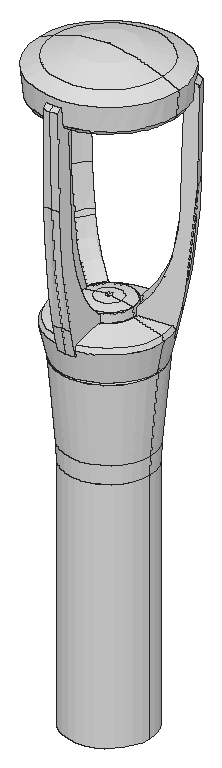
Revit family "LF Northport Path Light", category Lighting Fixtures, Revit 2021
Family settings
  Round Connector Dimension = Use Diameter
  Part Type = Normal
  OmniClass Number = 23.80.70.14.21
  OmniClass Title = Street and Roadway Lighting
  Work Plane-Based = No
  Always vertical = Yes
  Cut with Voids When Loaded = No
  Light Source = Yes
  Shared = No
  Room Calculation Point = No
Parameters (values of type "37"H")
  Wattage = 20 W
  W = 0' - 8 1/2"
  built-in parameter 1150110 = 1 (stored number, unit not read)
  URL = "https://www.landscapeforms.com"
  built-in parameter 1114217 = 1 (stored number, unit not read)
  Tilt Angle = 90.00°  # constant formula
  built-in parameter 1150109 = 1 (stored number, unit not read)
  built-in parameter 1150134 = (empty or 0)
  built-in parameter 1150113 = 1 (stored number, unit not read)
  Photometric Web File = "DR500-SO-T5.ies"
  Model = "NORTHPORT"
  Manufacturer = "Landscape Forms"
  built-in parameter 1150105 = 143.24 (stored number, unit not read)
  Lumens = 1800 lm
  built-in parameter 1150115 = 1 (stored number, unit not read)
  Load Classification = Lighting - Exterior
  built-in parameter 1150137 = (empty or 0)
  built-in parameter 1150139 = (empty or 0)
  built-in parameter 1150112 = 1 (stored number, unit not read)
  built-in parameter 1150114 = 1 (stored number, unit not read)
  built-in parameter 1150132 = (empty or 0)
  built-in parameter 1150102 = (empty or 0)
  built-in parameter 1150107 = 3000 (stored number, unit not read)
  built-in parameter 1150138 = (empty or 0)
  built-in parameter 1150106 = 1.4324 (stored number, unit not read)
  Emit from Circle Diameter = 1' - 0"  # constant formula
  Emit Shape Visible in Rendering = no
  built-in parameter 1150104 = 8.3613 (stored number, unit not read)
  Dimming Lamp Color Temperature Shift = <None>
  Diffuser Lens = LANDSCAPE FORMS - DIFFUSER - ILLUMINATED - LED
  Description = "Path Light - DR400"
  Voltage = 120 V
  Number of Poles = 1
  Default Elevation = 0' - 0"
  D = 0' - 8 1/2"
  Color Filter = 16777215
  built-in parameter 1114218 = 1 (stored number, unit not read)
  built-in parameter 1150133 = 10 (stored number, unit not read)
  Assembly Code = "D5020200"
  H = 3' - 1"
  Lamp = "Nichia 219C LED FR4 Circuit Board"
  Pole Powdercoat [instance] = LANDSCAPE FORMS - POWDERCOATED METAL - NEUTRAL SERIES (SILVER METALLIC)
  Wattage Comments = "20"
  Apparent Load = 100 VA  # constant formula
Reference planes (in)
  plane 1 "Light Source Axis FB": y = 0
  plane 2: z = 0
  plane 3 "Light Source Axis LR": x = 0
  plane 4: y = 3
  plane 5: y = -3
  plane 6: x = 4
  plane 7: x = -4
  plane 8: y = -2.89844
  plane 9: y = -2.75
  plane 10: y = -2.5
  plane 11: z = 37.23103
  plane 12: z = 36.11552
  plane 13: z = 35.95529
  plane 14: z = 34.70529
  plane 15: z = 34.51779
  plane 16: z = 34.42404
  plane 17: z = 34.20529
Forms (in)
  Revolve 1, solid, material "LANDSCAPE FORMS - POWDERCOATED METAL - NEUTRAL SERIES (SILVER METALLIC)" <- "Pole Powdercoat"
    sketch origin (0, 0, 0) x (1, 0, 0) y (0, 0, 1)
      loop
        line (0, 37.23103) -> (-0.04407, 37.23103)
        arc (-0.04407, 37.23103) -> (-1.70736, 37.05621) -> (-3.29796, 36.5394) r 8
        line (-3.29796, 36.5394) -> (-4.25, 36.11552) -> (-4.13604, 34.70529) -> (-4.00779, 34.51779) -> (-3.18749, 34.42404) -> (-3.18749, 34.20529) -> (-3.00536, 34.20529) -> (-2.99445, 34.51779) -> (-1.81445, 34.51779) -> (-1.48857, 35.4069) -> (0, 35.4069) -> (0, 37.23103)
      loop
        line (0, 23.47974) -> (-0.20455, 23.47974)
        arc (-0.20455, 23.47974) -> (-0.49757, 23.4654) -> (-0.78779, 23.4225) r 3
        line (-0.78779, 23.4225) -> (-1.46269, 23.28874)
        arc (-1.46269, 23.28874) -> (-1.47639, 23.2807) -> (-1.48214, 23.26588) r 0.02416
        line (-1.48214, 23.26588) -> (-1.49959, 22.76614) -> (-1.39512, 22.76614) -> (-1.39512, 22.73434) -> (-1.50108, 22.73434)
        arc (-1.50108, 22.73434) -> (-1.52328, 22.73335) -> (-1.5453, 22.73039) r 0.25
        arc (-1.5453, 22.73039) -> (-2.391, 22.55381) -> (-3.22548, 22.33017) r 15.42881
        line (-3.22548, 22.33017) -> (-3.37188, 22.04352) -> (-2.97518, 20.28125) -> (-2.75, 20.28125) -> (-2.75, 20.15625) -> (-2.96393, 20.15625) -> (-2.54828, 15.53659)
        arc (-2.54828, 15.53659) -> (-2.51208, 14.99946) -> (-2.5, 14.46124) r 12
        line (-2.5, 14.46124) -> (-2.5, 0) -> (0, 0) -> (0, 23.47974)
      axis (0, 37.23103) -> (0, 0)
    angle from 0 to 360
  Revolve 2, solid, material "LANDSCAPE FORMS - POWDERCOATED METAL - NEUTRAL SERIES (SILVER METALLIC)" <- "Pole Powdercoat"
    sketch origin (0, 0, 0) x (0, 1, 0) y (0, 0, 1)
      loop
        line (-4.24345, 35.69141) -> (-4.4832, 35.45167) -> (-4.39459, 30.0478)
        arc (-4.39459, 30.0478) -> (-4.17387, 26.61441) -> (-3.6264, 23.21777) r 36
        line (-3.6264, 23.21777) -> (-3.30124, 21.67406) -> (-1.43128, 21.67406) -> (-1.43128, 23.07695) -> (-1.63128, 23.28079)
        arc (-1.63128, 23.28079) -> (-2.60617, 24.59204) -> (-3.19115, 26.11768) r 6
        line (-3.19115, 26.11768) -> (-3.26607, 26.43828)
        arc (-3.26607, 26.43828) -> (-3.48305, 27.63985) -> (-3.57681, 28.85724) r 12
        line (-3.57681, 28.85724) -> (-3.71271, 34.08935) -> (-3.5921, 34.1508)
        arc (-3.5921, 34.1508) -> (-3.48183, 34.19148) -> (-3.36511, 34.20529) r 0.5
        line (-3.36511, 34.20529) -> (-3.22814, 34.20529) -> (-3.28005, 35.69141) -> (-4.24345, 35.69141)
      axis (0, 35.69141) -> (0, 21.67406)
    angle from 0 to 360
  Blend 3, void
    base sketch origin (0, 0, 0) x (-0.5, 0.866025, 0) y (-0.866025, -0.5, 0)
      loop
        line (0, 0.64952) -> (3.87018, 2.88397)
        arc (3.87018, 2.88397) -> (0, 4.82654) -> (-3.87018, 2.88397) r 4.82654
        line (-3.87018, 2.88397) -> (0, 0.64952)
    top sketch origin (0, 0, 0) x (-0.5, 0.866025, 0) y (-0.866025, -0.5, 0)
      loop
        arc (4.05264, 2.84497) -> (0, 4.95154) -> (-4.05264, 2.84497) r 4.95154
        line (-4.05264, 2.84497) -> (0, 0.50518) -> (4.05264, 2.84497)
    from 20.28125 to 35.69141
  Blend 4, void
    base sketch origin (0, 0, 0) x (0.5, 0.866025, 0) y (-0.866025, 0.5, 0)
      loop
        line (0, -0.64952) -> (-3.87018, -2.88397)
        arc (-3.87018, -2.88397) -> (0, -4.82654) -> (3.87018, -2.88397) r 4.82654
        line (3.87018, -2.88397) -> (0, -0.64952)
    top sketch origin (0, 0, 0) x (0.5, 0.866025, 0) y (-0.866025, 0.5, 0)
      loop
        line (4.05264, -2.84497) -> (0, -0.50518) -> (-4.05264, -2.84497)
        arc (-4.05264, -2.84497) -> (0, -4.95154) -> (4.05264, -2.84497) r 4.95154
    from 20.28125 to 35.69141
  Blend 5, void
    base sketch origin (0, 0, 0) x (-1, 0, 0) y (0, -1, 0)
      loop
        line (0, -0.64952) -> (-3.87018, -2.88397)
        arc (-3.87018, -2.88397) -> (0, -4.82654) -> (3.87018, -2.88397) r 4.82654
        line (3.87018, -2.88397) -> (0, -0.64952)
    top sketch origin (0, 0, 0) x (-1, 0, 0) y (0, -1, 0)
      loop
        line (4.05264, -2.84497) -> (0, -0.50518) -> (-4.05264, -2.84497)
        arc (-4.05264, -2.84497) -> (0, -4.95154) -> (4.05264, -2.84497) r 4.95154
    from 20.28125 to 35.69141
  Revolve 6, solid, material "LANDSCAPE FORMS - DIFFUSER - ILLUMINATED - LED" <- "Diffuser Lens"
    sketch origin (0, 0, 0) x (1, 0, 0) y (0, 0, 1)
      loop
        line (0, 35.4069) -> (-1.48857, 35.4069) -> (-1.81445, 34.51779) -> (-2.91858, 34.51779) -> (-2.90221, 34.20529) -> (-1.79585, 34.20529) -> (-1.40126, 35.2819) -> (0, 35.2819) -> (0, 35.4069)
      axis (0, 35.4069) -> (0, 34.20529)
    angle from 0 to 360
Cuts and joins
  Blend 3, Blend 4, Blend 5 cuts Revolve 2
  joined: Revolve 1, Revolve 2
Dimensions and locks (in)
  locked: plane 2 to level
  locked: imposter light to plane 1 "Light Source Axis FB"
  equal spacing: plane 7, plane 3 "Light Source Axis LR", plane 6
  equal spacing: plane 4, plane 1 "Light Source Axis FB", plane 5
  plane 4 to plane 5 = 0' - 6"
  plane 7 to plane 6 = 0' - 8"
  locked: imposter light to plane 17
Automatic sketch dimensions
  Revolve 1 sketch curve to plane 12 = 0' - 0"
  Revolve 1 sketch curve to plane 14 = 0' - 0"
  Revolve 1 sketch curve to plane 15 = 0' - 0"  (x2)
  Revolve 1 sketch curve to plane 16 = 0' - 0"
  Revolve 1 sketch curve to plane 17 = 0' - 0"
  Revolve 1 sketch curve to level = 0' - 0"
  Revolve 1 sketch curve to plane 11 = 0' - 0"
  Revolve 1 sketch curve to plane 3 "Light Source Axis LR" = 0' - 0"  (x3)
  Revolve 1 sketch curve to plane 3 "Light Source Axis LR" = 0' - 0.04407"
  Revolve 1 sketch curve to plane 3 "Light Source Axis LR" = 0' - 0.20455"
  Revolve 1 sketch curve to Revolve 1 sketch curve = 0' - 0.58324"
  Revolve 1 sketch curve to Revolve 1 sketch curve = 0' - 1.19057"
  Revolve 1 sketch curve to Revolve 1 sketch curve = 0' - 0.06287"
  Revolve 1 sketch curve to Revolve 1 sketch curve = 0' - 0.0047"
  Revolve 1 sketch curve to Revolve 1 sketch curve = 0' - 0.02415"
  Revolve 1 sketch curve to Revolve 1 sketch curve = 0' - 0.10446"
  Revolve 1 sketch curve to Revolve 1 sketch curve = 0' - 0.00149"
  Revolve 1 sketch curve to plane 7 = 0' - 1 1/2"
  Revolve 1 sketch curve to Revolve 1 sketch curve = 0' - 0.04828"
  Revolve 1 sketch curve to plane 7 = 0' - 1 1/4"
  Revolve 1 sketch curve to Revolve 1 sketch curve = 0' - 0.21393"
  Revolve 1 sketch curve to Revolve 1 sketch curve = 0' - 0.01125"
  Revolve 1 sketch curve to Revolve 1 sketch curve = 0' - 1.18"
  Revolve 1 sketch curve to Revolve 1 sketch curve = 0' - 0.19304"
  Revolve 1 sketch curve to plane 7 = 0' - 0.77452"
  Revolve 1 sketch curve to plane 12 = 0' - 0.42387"
  Revolve 1 sketch curve to Revolve 1 sketch curve = 0' - 0.30352"
  Revolve 1 sketch curve to Revolve 1 sketch curve = 0' - 0.1464"
  plane 7 to Revolve 1 sketch curve = 0' - 10 1/2"
  plane 7 to Revolve 1 sketch curve = 0' - 0.00779"
  plane 7 to Revolve 1 sketch curve = 0' - 0.13604"
  plane 7 to Revolve 1 sketch curve = 0' - 0 1/4"
  plane 3 "Light Source Axis LR" to Revolve 1 sketch curve = 0' - 1.18414"
  level to Revolve 1 sketch curve = 0' - 7.54492"
  Revolve 1 sketch curve to Revolve 1 sketch curve = 0' - 6.91632"
  Revolve 1 sketch curve to Revolve 1 sketch curve = 0' - 4.61966"
  Revolve 1 sketch curve to Revolve 1 sketch curve = 0' - 0 1/8"
  Revolve 1 sketch curve to Revolve 1 sketch curve = 0' - 1.76227"
  Revolve 1 sketch curve to Revolve 1 sketch curve = 0' - 0.28665"
  Revolve 1 sketch curve to Revolve 1 sketch curve = 0' - 1.85043"
  Revolve 1 sketch curve to Revolve 1 sketch curve = 0' - 2.00459"
  Revolve 1 sketch curve to Revolve 1 sketch curve = 0' - 0.00394"
  Revolve 1 sketch curve to Revolve 1 sketch curve = 0' - 0.03181"
  Revolve 1 sketch curve to Revolve 1 sketch curve = 0' - 0.49889"
  Revolve 1 sketch curve to Revolve 1 sketch curve = 0' - 0.00084"
  Revolve 1 sketch curve to Revolve 1 sketch curve = 0' - 0.13376"
  Revolve 1 sketch curve to level = 1' - 0"
  Revolve 1 sketch curve to plane 11 = 2' - 1.09801"
  plane 17 to Revolve 2 sketch curve = 0' - 0"
  Revolve 2 sketch curve to plane 1 "Light Source Axis FB" = 0' - 0"
  Revolve 2 sketch curve to plane 10 = 0' - 1.06872"
  Revolve 2 sketch curve to Revolve 2 sketch curve = 0' - 0.20001"
  Revolve 2 sketch curve to plane 5 = 0' - 0.19115"
  Revolve 2 sketch curve to plane 5 = 0' - 0.22814"
  Revolve 2 sketch curve to plane 5 = 0' - 0.26607"
  Revolve 2 sketch curve to plane 5 = 0' - 0.28005"
  Revolve 2 sketch curve to plane 5 = 0' - 0.30124"
  Revolve 2 sketch curve to plane 5 = 0' - 0.36511"
  Revolve 2 sketch curve to plane 5 = 0' - 0.57681"
  plane 17 to Revolve 2 sketch curve = 0' - 0.0545"
  Revolve 2 sketch curve to Revolve 2 sketch curve = 0' - 0.227"
  Revolve 2 sketch curve to plane 5 = 0' - 0.6264"
  plane 17 to Revolve 2 sketch curve = 0' - 0.11595"
  Revolve 2 sketch curve to Revolve 2 sketch curve = 0' - 0.12061"
  plane 13 to Revolve 2 sketch curve = 0' - 0.26388"
  Revolve 2 sketch curve to Revolve 2 sketch curve = 0' - 0.9634"
  Revolve 2 sketch curve to plane 5 = 0' - 1.39459"
  plane 13 to Revolve 2 sketch curve = 0' - 0.50362"
  Revolve 2 sketch curve to Revolve 2 sketch curve = 0' - 0.23974"
  plane 4 to Revolve 2 sketch curve = 0' - 0.34855"
  Revolve 2 sketch curve to plane 4 = 0' - 5.41914"
  plane 17 to Revolve 2 sketch curve = 0' - 3.56728"
  Revolve 2 sketch curve to Revolve 2 sketch curve = 1' - 11.18143"
  Revolve 2 sketch curve to Revolve 2 sketch curve = 0' - 3.6575"
  plane 17 to Revolve 2 sketch curve = 0' - 5.03648"
  Revolve 2 sketch curve to Revolve 2 sketch curve = 0' - 1.19056"
  Revolve 2 sketch curve to Revolve 2 sketch curve = 0' - 1.04467"
  Revolve 2 sketch curve to Revolve 2 sketch curve = 0' - 0.3206"
  Revolve 2 sketch curve to Revolve 2 sketch curve = 0' - 0.20384"
  Revolve 2 sketch curve to Revolve 2 sketch curve = 0' - 1.54371"
  Revolve 2 sketch curve to level = 2' - 0"
  Revolve 2 sketch curve to plane 11 = 10' - 7.34115"
  plane 1 "Light Source Axis FB" to Blend 3 sketch curve = 0' - 0"  (x2)
  Blend 3 sketch curve to plane 3 "Light Source Axis LR" = 0' - 0"  (x2)
  Blend 3 sketch curve to Blend 3 sketch curve = 0' - 0"  (x2)
  Blend 3 sketch curve to Blend 3 sketch curve = 0' - 3.87018"  (x2)
  Blend 3 sketch curve to Blend 3 sketch curve = 0' - 0.64952"
  Blend 3 sketch curve to Blend 3 sketch curve = 0' - 2.23445"
  Blend 3 sketch curve to Blend 3 sketch curve = 0' - 4.05264"  (x2)
  Blend 3 sketch curve to Blend 3 sketch curve = 0' - 0.50518"
  Blend 3 sketch curve to Blend 3 sketch curve = 0' - 2.33979"
  plane 1 "Light Source Axis FB" to Blend 4 sketch curve = 0' - 0"  (x2)
  Blend 4 sketch curve to plane 3 "Light Source Axis LR" = 0' - 0"  (x2)
  Blend 4 sketch curve to Blend 4 sketch curve = 0' - 0"  (x2)
  Blend 4 sketch curve to Blend 4 sketch curve = 0' - 3.87018"  (x2)
  Blend 4 sketch curve to Blend 4 sketch curve = 0' - 0.64952"
  Blend 4 sketch curve to Blend 4 sketch curve = 0' - 2.23445"
  Blend 4 sketch curve to Blend 4 sketch curve = 0' - 4.05264"  (x2)
  Blend 4 sketch curve to Blend 4 sketch curve = 0' - 0.50518"
  Blend 4 sketch curve to Blend 4 sketch curve = 0' - 2.33979"
  Blend 5 sketch curve to plane 3 "Light Source Axis LR" = 0' - 0"  (x4)
  plane 1 "Light Source Axis FB" to Blend 5 sketch curve = 0' - 0"  (x2)
  Blend 5 sketch curve to plane 6 = 0' - 0.12982"
  Blend 5 sketch curve to plane 7 = 0' - 0.12982"
  Blend 5 sketch curve to plane 1 "Light Source Axis FB" = 0' - 0.64952"
  plane 4 to Blend 5 sketch curve = 0' - 0.11603"
  plane 6 to Blend 5 sketch curve = 0' - 0.05264"
  plane 7 to Blend 5 sketch curve = 0' - 0.05264"
  Blend 5 sketch curve to Blend 5 sketch curve = 0' - 0.50518"
  plane 4 to Blend 5 sketch curve = 0' - 0.15503"
  Revolve 6 sketch curve to plane 17 = 0' - 0"
  Revolve 6 sketch curve to plane 3 "Light Source Axis LR" = 0' - 0"  (x2)
  Revolve 6 sketch curve to plane 14 = 0' - 0.57661"
  Revolve 6 sketch curve to Revolve 6 sketch curve = 0' - 0.3946"
  Revolve 6 sketch curve to Revolve 6 sketch curve = 0' - 0.01638"
  Revolve 6 sketch curve to level = 1' - 0"
  Revolve 6 sketch curve to plane 11 = 2' - 1.09801"
  Revolve 6 sketch curve to plane 15 = 0' - 0"
  Revolve 6 sketch curve to Revolve 6 sketch curve = 0' - 0 1/8"
  Revolve 6 sketch curve to Revolve 6 sketch curve = 0' - 0.01859"
  Revolve 6 sketch curve to Revolve 6 sketch curve = 0' - 0.08732"
  Revolve 6 sketch curve to plane 7 = 0' - 1.08142"
  Revolve 6 sketch curve to Revolve 6 sketch curve = 0' - 1.10413"
  Revolve 1 sketch curve to Revolve 1 sketch curve = 0' - 0.95204"
  Revolve 1 sketch curve to Revolve 1 sketch curve = 0' - 0.32588"
  plane 13 to Revolve 1 sketch curve = 0' - 0.54839"
  Revolve 1 sketch curve to Revolve 1 sketch curve = 0' - 0.18213"
